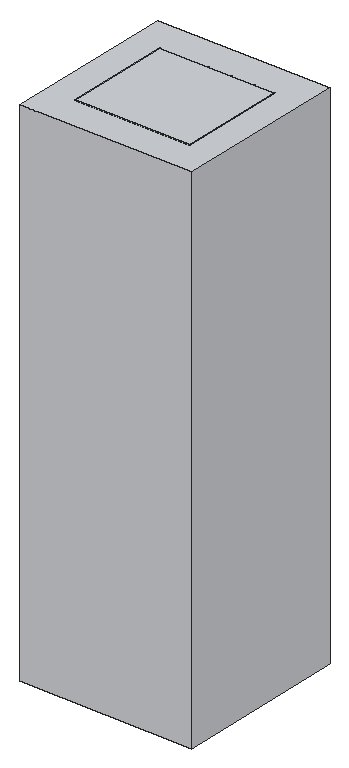
Revit family "06.Wichmann Kabelbox BET", category HLS-Bauteile, Revit 2018
Family settings
  Basisbauteil = Decke
  Bemaßung runder Anschluss = Durchmesser verwenden
  Teiletyp = Normal
  OmniClass-Nummer = 23.75.00.00
  OmniClass-Titel = Climate Control (HVAC)
  Immer vertikal = Ja
  Beim Laden mit Abzugskörper schneiden = Nein
  Gemeinsam genutzt = Nein
  Raumberechnungspunkt = Nein
Parameters (values of type "Kabelbox BET, 90x90x270 mm")
  HAN = "BET090090"
  Description = ""
  Bautiefe = 270 mm
  TCeiling_0 [instance] = 500 mm
  T0 [instance] = TCeiling_0  # 500 mm
  HR = 110 mm
  Hi = 56 mm
  HA = 90 mm
  BR = 110 mm
  Bi = 60 mm
  BA = 90 mm
  Ah [instance] = 0.5 * (HR - HA)  # 10 mm
  Ab [instance] = 0.5 * (BR - BA)  # 10 mm
Types (68, lengths in mm): name | HAN | HR | Hi | HA | BR | Bi | BA
  Kabelbox BET, 110x480x270 mm | "BET110480" | 130 | 70 | 110 | 500 | 450 | 480
  Kabelbox BET, 110x435x270 mm | "BET110435" | 130 | 70 | 110 | 455 | 405 | 435
  Kabelbox BET, 110x335x270 mm | "BET110335" | 130 | 70 | 110 | 355 | 305 | 335
  Kabelbox BET, 110x280x270 mm | "BET110280" | 130 | 70 | 110 | 300 | 250 | 280
  Kabelbox BET, 110x240x270 mm | "BET110240" | 130 | 70 | 110 | 260 | 210 | 240
  Kabelbox BET, 110x200x270 mm | "BET110200" | 130 | 70 | 110 | 220 | 170 | 200
  Kabelbox BET, 110x180x270 mm | "BET110180" | 130 | 70 | 110 | 200 | 150 | 180
  Kabelbox BET, 110x160x270 mm | "BET110160" | 130 | 70 | 110 | 180 | 130 | 160
  Kabelbox BET, 110x120x270 mm | "BET110120" | 130 | 70 | 110 | 140 | 90 | 120
  Kabelbox BET, 100x640x270 mm | "BET100640" | 120 | 64 | 100 | 660 | 610 | 640
  Kabelbox BET, 100x580x270 mm | "BET100580" | 120 | 64 | 100 | 600 | 550 | 580
  Kabelbox BET, 100x535x270 mm | "BET100535" | 120 | 64 | 100 | 555 | 505 | 535
  Kabelbox BET, 100x435x270 mm | "BET100435" | 120 | 64 | 100 | 455 | 405 | 435
  Kabelbox BET, 100x380x270 mm | "BET100380" | 120 | 64 | 100 | 400 | 350 | 380
  Kabelbox BET, 100x335x270 mm | "BET100335" | 120 | 64 | 100 | 355 | 305 | 335
  Kabelbox BET, 100x280x270 mm | "BET100280" | 120 | 64 | 100 | 300 | 250 | 280
  Kabelbox BET, 100x240x270 mm | "BET100240" | 120 | 64 | 100 | 260 | 210 | 240
  Kabelbox BET, 100x200x270 mm | "BET100200" | 120 | 64 | 100 | 220 | 170 | 200
  Kabelbox BET, 100x180x270 mm | "BET100180" | 120 | 64 | 100 | 200 | 150 | 180
  Kabelbox BET, 100x160x270 mm | "BET100160" | 120 | 64 | 100 | 180 | 130 | 160
  Kabelbox BET, 100x120x270 mm | "BET100120" | 120 | 64 | 100 | 140 | 90 | 120
  Kabelbox BET, 90x640x270 mm | "BET090640" | 110 | 56 | 90 | 660 | 610 | 640
  Kabelbox BET, 90x535x270 mm | "BET090535" | 110 | 56 | 90 | 555 | 505 | 535
  Kabelbox BET, 90x480x270 mm | "BET090480" | 110 | 56 | 90 | 500 | 450 | 480
  Kabelbox BET, 90x435x270 mm | "BET090435" | 110 | 56 | 90 | 455 | 405 | 435
  Kabelbox BET, 90x380x270 mm | "BET090380" | 110 | 56 | 90 | 400 | 350 | 380
  Kabelbox BET, 90x335x270 mm | "BET090335" | 110 | 56 | 90 | 355 | 305 | 335
  Kabelbox BET, 90x280x270 mm | "BET090280" | 110 | 56 | 90 | 300 | 250 | 280
  Kabelbox BET, 90x240x270 mm | "BET090240" | 110 | 56 | 90 | 260 | 210 | 240
  Kabelbox BET, 90x200x270 mm | "BET090200" | 110 | 56 | 90 | 220 | 170 | 200
  Kabelbox BET, 90x180x270 mm | "BET090180" | 110 | 56 | 90 | 200 | 150 | 180
  Kabelbox BET, 90x160x270 mm | "BET090160" | 110 | 56 | 90 | 180 | 130 | 160
  Kabelbox BET, 90x90x270 mm | "BET090090" | 110 | 56 | 90 | 110 | 60 | 90
  Kabelbox BET, 80x640x270 mm | "BET080640" | 100 | 50 | 80 | 660 | 610 | 640
  Kabelbox BET, 80x580x270 mm | "BET080580" | 100 | 50 | 80 | 600 | 550 | 580
  Kabelbox BET, 80x535x270 mm | "BET080535" | 100 | 50 | 80 | 555 | 505 | 535
  Kabelbox BET, 80x480x270 mm | "BET080480" | 100 | 50 | 80 | 500 | 450 | 480
  Kabelbox BET, 80x435x270 mm | "BET080435" | 100 | 50 | 80 | 455 | 405 | 435
  Kabelbox BET, 80x380x270 mm | "BET080380" | 100 | 50 | 80 | 400 | 350 | 380
  Kabelbox BET, 80x335x270 mm | "BET080335" | 100 | 50 | 80 | 355 | 305 | 335
  Kabelbox BET, 80x280x270 mm | "BET080280" | 100 | 50 | 80 | 300 | 250 | 280
  Kabelbox BET, 80x240x270 mm | "BET080240" | 100 | 50 | 80 | 260 | 210 | 240
  Kabelbox BET, 80x180x270 mm | "BET080180" | 100 | 50 | 80 | 200 | 150 | 180
  Kabelbox BET, 80x160x270 mm | "BET080160" | 100 | 50 | 80 | 180 | 130 | 160
  Kabelbox BET, 80x120x270 mm | "BET080120" | 100 | 50 | 80 | 140 | 90 | 120
  Kabelbox BET, 80x90x270 mm | "BET080090" | 100 | 50 | 80 | 110 | 60 | 90
  Kabelbox BET, 60x640x270 mm | "BET060640" | 80 | 33 | 60 | 660 | 610 | 640
  Kabelbox BET, 60x580x270 mm | "BET060580" | 80 | 33 | 60 | 600 | 550 | 580
  Kabelbox BET, 60x535x270 mm | "BET060535" | 80 | 33 | 60 | 555 | 505 | 535
  Kabelbox BET, 60x480x270 mm | "BET060480" | 80 | 33 | 60 | 500 | 450 | 480
  Kabelbox BET, 60x435x270 mm | "BET060435" | 80 | 33 | 60 | 455 | 405 | 435
  Kabelbox BET, 60x380x270 mm | "BET060380" | 80 | 33 | 60 | 400 | 350 | 380
  Kabelbox BET, 60x280x270 mm | "BET060280" | 80 | 33 | 60 | 300 | 250 | 280
  Kabelbox BET, 60x240x270 mm | "BET060240" | 80 | 33 | 60 | 260 | 210 | 240
  Kabelbox BET, 60x200x270 mm | "BET060200" | 80 | 33 | 60 | 220 | 170 | 200
  Kabelbox BET, 60x180x270 mm | "BET060180" | 80 | 33 | 60 | 200 | 150 | 180
  Kabelbox BET, 60x160x270 mm | "BET060160" | 80 | 33 | 60 | 180 | 130 | 160
  Kabelbox BET, 60x120x270 mm | "BET060120" | 80 | 33 | 60 | 140 | 90 | 120
  Kabelbox BET, 60x90x270 mm | "BET060090" | 80 | 33 | 60 | 110 | 60 | 90
  Kabelbox BET, 110x640x270 mm | "BET110640" | 130 | 70 | 110 | 660 | 610 | 640
  Kabelbox BET, 110x580x270 mm | "BET110580" | 130 | 70 | 110 | 600 | 550 | 580
  Kabelbox BET, 110x535x270 mm | "BET110535" | 130 | 70 | 110 | 555 | 505 | 535
  Kabelbox BET, 110x380x270 mm | "BET110380" | 130 | 70 | 110 | 400 | 350 | 380
  Kabelbox BET, 100x480x270 mm | "BET100480" | 120 | 64 | 100 | 500 | 450 | 480
  Kabelbox BET, 90x580x270 mm | "BET090580" | 110 | 56 | 90 | 600 | 550 | 580
  Kabelbox BET, 90x120x270 mm | "BET090120" | 110 | 56 | 90 | 140 | 90 | 120
  Kabelbox BET, 80x200x270 mm | "BET080200" | 100 | 50 | 80 | 220 | 170 | 200
  Kabelbox BET, 60x335x270 mm | "BET060335" | 80 | 33 | 60 | 355 | 305 | 335
Reference planes
  plane 1 "Center (Front/Back)": y = 0
  plane 2: z = 0
  plane 3 "Center (Left/Right)": x = 0
  plane 4 "Ceiling": z = 4065
  plane 5: x = -30
  plane 6: x = 30
  plane 7: y = 28
  plane 8: y = -28
  plane 9: x = -45
  plane 10: x = -55
  plane 11: x = 45
  plane 12: x = 55
  plane 13: y = 45
  plane 14: y = 55
  plane 15: y = -45
  plane 16: y = -55
  plane 17: z = 4315
  plane 18: z = 4565
  plane 19: z = 4450
  plane 20: z = 4180
Forms (mm)
  Extrusion 1, solid
    sketch origin (0, 0, 4065) x (0, 1, 0) y (-1, 0, 0)
      loop
        line (28, 30) -> (-28, 30) -> (-28, -30) -> (28, -30) -> (28, 30)
    from 115 to 385
  Extrusion 2, solid
    sketch origin (0, 0, 4065) x (0, 1, 0) y (-1, 0, 0)
      loop
        line (45, 45) -> (-45, 45) -> (-45, -45) -> (45, -45) -> (45, 45)
      loop
        line (28, 30) -> (-28, 30) -> (-28, -30) -> (28, -30) -> (28, 30)
    from 115 to 385
Lines and regions (mm)
  Opening 1
    outline origin (-2000, 2000, 4565) x (-1, 0, 0) y (0, -1, 0)
      loop
        line (-1945, 1945) -> (-1945, 2055) -> (-2055, 2055) -> (-2055, 1945) -> (-1945, 1945)
Dimensions and locks
  equal spacing: host sketch curve, plane 3 "Center (Left/Right)", host sketch curve
  equal spacing: host sketch curve, plane 1 "Center (Front/Back)", host sketch curve
  host sketch curve to host sketch curve = 4000 mm  (x2)
  equal spacing: plane 8, plane 1 "Center (Front/Back)", plane 7
  equal spacing: plane 5, plane 3 "Center (Left/Right)", plane 6
  equal spacing: plane 9, plane 3 "Center (Left/Right)", plane 11
  equal spacing: plane 10, plane 3 "Center (Left/Right)", plane 12
  equal spacing: plane 13, plane 1 "Center (Front/Back)", plane 15
  equal spacing: plane 14, plane 1 "Center (Front/Back)", plane 16
  "BR": plane 10 to plane 12
  "BA": plane 9 to plane 11
  "Bi": plane 5 to plane 6
  "Hi": plane 7 to plane 8
  "HR": plane 14 to plane 16
  "HA": plane 13 to plane 15
  equal spacing: plane 18, plane 17, plane 4 "Ceiling"
  "TCeiling_0": host ceiling to host ceiling
  "T0": plane 18 to plane 4 "Ceiling"
  equal spacing: plane 19, plane 17, plane 20
  "Bautiefe": plane 19 to plane 20
  aligned and locked: plane 7 to Extrusion 1 sketch curve
  aligned and locked: plane 5 to Extrusion 1 sketch curve
  aligned and locked: Extrusion 1 sketch curve to plane 8
  aligned and locked: Extrusion 1 sketch curve to plane 6
  aligned and locked: plane 13 to Extrusion 2 sketch curve
  aligned and locked: plane 9 to Extrusion 2 sketch curve
  aligned and locked: Extrusion 2 sketch curve to plane 15
  aligned and locked: Extrusion 2 sketch curve to plane 11
  aligned and locked: plane 7 to Extrusion 2 sketch curve
  aligned and locked: plane 5 to Extrusion 2 sketch curve
  aligned and locked: Extrusion 2 sketch curve to Extrusion 1  (x2)
  aligned and locked: plane 12 to Opening 1 sketch curve
  aligned and locked: Opening 1 sketch curve to plane 14
  aligned and locked: Opening 1 sketch curve to plane 10
  aligned and locked: plane 16 to Opening 1 sketch curve
  aligned and locked: plane 1 "Center (Front/Back)" to nested 1
  aligned and locked: plane 3 "Center (Left/Right)" to nested 1
  aligned and locked: plane 1 "Center (Front/Back)" to nested 2
  aligned and locked: plane 4 "Ceiling" to host ceiling
  aligned and locked: plane 19 to Extrusion 2
  aligned and locked: plane 19 to Extrusion 1
  aligned and locked: Extrusion 2 to plane 20
  aligned and locked: Extrusion 2 to Extrusion 1
  aligned and locked: nested 3 to plane 17
  aligned and locked: plane 3 "Center (Left/Right)" to nested 3
  aligned and locked: plane 17 to nested 2
Nested families
  nested 1: "Schatten gefüllt" at (0, 0, 0), Tiefe <- "HR", Breite <- "BR", Ah0 <- "Ah", Ab0 <- "Ab", type "Schatten gefüllt"
    with Wand maskieren yes, Verdeckte Linien no, Tiefe 110 mm, Linien ausgezogen yes, Füllungssymbol yes, Breite 110 mm, Ah0 10 mm, Ab0 10 mm
  nested 2: "Kreuz" at (0, 0, 4315) x (0, -1, 0) z (1, 0, 0), Breite <- "HA", Tiefe <- "T0", type "Kreuz"
    with Wand maskieren yes, Verdeckte Linien yes, Tiefe 500 mm, Linien ausgezogen yes, Füllungssymbol yes, Breite 90 mm
  nested 3: "Kreuz" at (0, 0, 4315) x (1, 0, 0) z (0, -1, 0), Breite <- "BA", Tiefe <- "T0", type "Kreuz"
    with Wand maskieren yes, Verdeckte Linien yes, Tiefe 500 mm, Linien ausgezogen yes, Füllungssymbol yes, Breite 90 mm
Definition of nested family "Schatten gefüllt"
  Parameters (values of type "Schatten gefüllt")
    Wand maskieren [instance] = yes
    Linien ausgezogen [instance] = yes
    Verdeckte Linien [instance] = no
    Ab0 [instance] = 30 mm
    Füllungssymbol [instance] = yes
    Tiefe [instance] = 100 mm
    Breite [instance] = 200 mm
    Assembly Code = ""
    Ah0 [instance] = 20 mm
  Reference planes
    plane 1 "Mitte ( Vorne/hinten)": y = 0
    plane 2: z = 0
    plane 3 "Mitte (Links/rechts)": x = 0
    plane 4: y = 50
    plane 5: x = -100
    plane 6: x = 100
    plane 7: y = -50
    plane 8: y = 30
    plane 9: x = -70
  Lines and regions (mm)
    Filled region 1, type "Schwarz", in view "Referenzebene.", visible <- "Füllungssymbol"
      outline origin (0, 0, 0) x (0, 1, 0) y (-1, 0, 0)
        loop
          line (50, -100) -> (50, 100) -> (-50, 100) -> (30, 70) -> (50, -100)
    Masking region 1, in view "Referenzebene.", visible <- "Wand maskieren"
      outline origin (0, 0, 0) x (0, 1, 0) y (-1, 0, 0)
        loop
          line (-50, -100) -> (50, -100) -> (30, 70) -> (-50, 100) -> (-50, -100)
    detail lines, in view "Referenzebene.", visible <- "Linien ausgezogen"
      curve 1: line (100, 50, 0) -> (-100, 50, 0)
      curve 2: line (100, -50, 0) -> (100, 50, 0)
      curve 3: line (-100, -50, 0) -> (100, -50, 0)
      curve 4: line (-100, 50, 0) -> (-100, -50, 0)
      curve 5: line (100, 50, 0) -> (-70, 30, 0)
      curve 6: line (-70, 30, 0) -> (-100, -50, 0)
    detail lines, in view "Referenzebene.", visible <- "Verdeckte Linien"
      curve 7: line (100, 50, 0) -> (-100, 50, 0)
      curve 8: line (100, -50, 0) -> (100, 50, 0)
      curve 9: line (-100, -50, 0) -> (100, -50, 0)
      curve 10: line (-100, 50, 0) -> (-100, -50, 0)
      curve 11: line (100, 50, 0) -> (-70, 30, 0)
      curve 12: line (-70, 30, 0) -> (-100, -50, 0)
  Dimensions and locks
    equal spacing: plane 5, plane 3 "Mitte (Links/rechts)", plane 6
    "Breite": plane 5 to plane 6
    equal spacing: plane 4, plane 1 "Mitte ( Vorne/hinten)", plane 7
    "Tiefe": plane 7 to plane 4
    "Ah0": plane 4 to plane 8
    "Ab0": plane 5 to plane 9
    aligned and locked: Masking region 1 sketch curve to curve 11
    aligned and locked: Masking region 1 sketch curve to curve 12
    aligned and locked: plane 7 to Masking region 1 sketch curve
    aligned and locked: Masking region 1 sketch curve to plane 6
    aligned and locked: Filled region 1 sketch curve to plane 5
    aligned and locked: plane 4 to Filled region 1 sketch curve
    aligned and locked: curve 4 to plane 5
    aligned and locked: curve 2 to plane 6
    aligned and locked: plane 4 to curve 1
    aligned and locked: plane 7 to curve 3
    aligned and locked: Filled region 1 sketch curve to curve 6
    aligned and locked: Filled region 1 sketch curve to curve 11
  Automatic sketch dimensions
    Masking region 1 sketch curve to plane 8 = 0 mm
    Masking region 1 sketch curve to plane 4 = 0 mm
    Masking region 1 sketch curve to plane 9 = 0 mm
    Masking region 1 sketch curve to plane 5 = 0 mm
Definition of nested family "Kreuz"
  Parameters (values of type "Kreuz")
    Breite [instance] = 200 mm
    Wand maskieren [instance] = yes
    Linien ausgezogen [instance] = yes
    Verdeckte Linien [instance] = yes
    Füllungssymbol [instance] = yes
    Tiefe [instance] = 100 mm
  Reference planes
    plane 1 "Mitte ( Vorne/hinten)": y = 0
    plane 2: z = 0
    plane 3 "Mitte (Links/rechts)": x = 0
    plane 4: y = 50
    plane 5: x = -100
    plane 6: x = 100
    plane 7: y = -50
  Lines and regions (mm)
    Masking region 1, in view "Ref.-Ebene", visible <- "Wand maskieren"
      outline origin (0, 0, 0) x (1, 0, 0) y (0, 1, 0)
        loop
          line (-100, -50) -> (0, 0) -> (-100, 50) -> (-100, -50)
    Masking region 2, in view "Ref.-Ebene", visible <- "Wand maskieren"
      outline origin (0, 0, 0) x (0, 1, 0) y (-1, 0, 0)
        loop
          line (-50, -100) -> (50, -100) -> (0, 0) -> (-50, -100)
    Masking region 3, in view "Ref.-Ebene", visible <- "Wand maskieren"
      outline origin (0, 0, 0) x (1, 0, 0) y (0, 1, 0)
        loop
          line (-100, 50) -> (0, 0) -> (100, 50) -> (-100, 50)
    Masking region 4, in view "Ref.-Ebene", visible <- "Wand maskieren"
      outline origin (0, 0, 0) x (0, -1, 0) y (1, 0, 0)
        loop
          line (50, -100) -> (50, 100) -> (0, 0) -> (50, -100)
    detail lines, in view "Ref.-Ebene", visible <- "Linien ausgezogen"
      curve 1: line (-100, 50, 0) -> (100, 50, 0)
      curve 2: line (-100, -50, 0) -> (-100, 50, 0)
      curve 3: line (100, -50, 0) -> (-100, -50, 0)
      curve 4: line (100, 50, 0) -> (100, -50, 0)
      curve 5: line (-100, -50, 0) -> (100, 50, 0)
      curve 6: line (-100, 50, 0) -> (100, -50, 0)
    detail lines, in view "Ref.-Ebene", visible <- "Verdeckte Linien"
      curve 7: line (-100, 50, 0) -> (100, 50, 0)
      curve 8: line (-100, -50, 0) -> (-100, 50, 0)
      curve 9: line (100, -50, 0) -> (-100, -50, 0)
      curve 10: line (100, 50, 0) -> (100, -50, 0)
      curve 11: line (-100, 50, 0) -> (100, -50, 0)
      curve 12: line (-100, -50, 0) -> (100, 50, 0)
  Dimensions and locks
    equal spacing: plane 5, plane 3 "Mitte (Links/rechts)", plane 6
    equal spacing: plane 4, plane 1 "Mitte ( Vorne/hinten)", plane 7
    "Breite": plane 5 to plane 6
    "Tiefe": plane 4 to plane 7
    aligned and locked: curve 1 to plane 4
    aligned and locked: curve 3 to plane 7
    aligned and locked: Masking region 1 sketch curve to curve 2
    aligned and locked: Masking region 1 sketch curve to curve 6
    aligned and locked: Masking region 1 sketch curve to curve 5
    aligned and locked: Masking region 2 sketch curve to plane 6
    aligned and locked: Masking region 2 sketch curve to curve 5
    aligned and locked: Masking region 2 sketch curve to curve 6
    aligned and locked: Masking region 3 sketch curve to curve 1
    aligned and locked: Masking region 3 sketch curve to curve 6
    aligned and locked: curve 5 to Masking region 3 sketch curve
    aligned and locked: plane 7 to Masking region 4 sketch curve
    aligned and locked: curve 6 to Masking region 4 sketch curve
    aligned and locked: Masking region 4 sketch curve to curve 5
    aligned and locked: plane 6 to curve 10
    aligned and locked: plane 5 to curve 8
